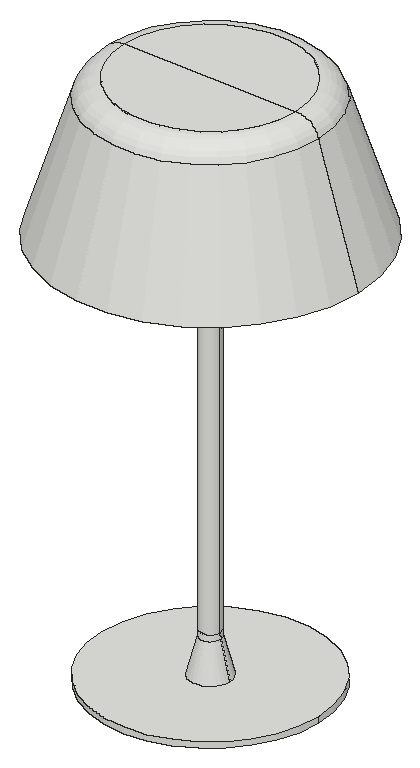
Revit family "Electrical_&_Lighting-Teknion-CQATL_Routes_Table_Lamp-R2018", category Lighting Fixtures, Revit 2018
Family settings
  Round Connector Dimension = Use Diameter
  Part Type = Normal
  OmniClass Number = 23.40.70.14.64.21
  OmniClass Title = Systems Furniture
  Work Plane-Based = Yes
  Always vertical = Yes
  Cut with Voids When Loaded = No
  Light Source = Yes
  Shared = Yes
  Room Calculation Point = No
Parameters (values of type "Freestanding")
  Wattage = 12 W
  Warranty = "http://www.teknion.com/ca/papers/legal-canada"
  built-in parameter 1150110 = 1 (stored number, unit not read)
  URL = "www.teknion.com"
  built-in parameter 1114217 = 1 (stored number, unit not read)
  Tilt Angle = 90.00°
  built-in parameter 1150109 = 1 (stored number, unit not read)
  built-in parameter 1150134 = (empty or 0)
  Sustainability Data = "http://www.teknion.com/ca/tools/assets#&asset=444deb64-fe58-4b68-981e-f75e97781df7,b4ff2d81-9f2e-437d-9659-7cffb09c31cf"
  built-in parameter 1150113 = 1 (stored number, unit not read)
  built-in parameter 1010507 = 1.0472 (stored number, unit not read)
  built-in parameter 1010506 = 0.7854 (stored number, unit not read)
  Series = "Routes"
  Product Page URL = "https://www.teknion.com/ca/products/all-products"
  Product Line = "Routes"
  Product Documentation Link = "https://assets.teknion.com/m/72af4764f50e983c/original/Routes-Reference-Guide.pdf"
  Part Number = "CQATL"
  Model = "CQATL1"
  Manufacturer Phone = "416-661-3370"
  Manufacturer Fax = "416.661.4586"
  Manufacturer Contact Information = "http://www.teknion.com/ca/contactus"
  Manufacturer Address = "1150 Flint Road, Toronto, ON. M3J 2J5. Canada"
  Manufacturer = "Teknion"  # constant formula
  built-in parameter 1150105 = 1203.7 (stored number, unit not read)
  Lumens = 360 lm
  built-in parameter 1150115 = 1 (stored number, unit not read)
  built-in parameter 1150131 = 10.000"
  built-in parameter 1150137 = (empty or 0)
  built-in parameter 1150139 = (empty or 0)
  built-in parameter 1150112 = 1 (stored number, unit not read)
  built-in parameter 1150114 = 1 (stored number, unit not read)
  built-in parameter 1150132 = (empty or 0)
  built-in parameter 1150102 = (empty or 0)
  built-in parameter 1150107 = 2700 (stored number, unit not read)
  built-in parameter 1150138 = (empty or 0)
  built-in parameter 1150106 = 12.037 (stored number, unit not read)
  Hardware Finish [instance] = Paint-Teknion-20-T-Foundation-Atrium White
  Emit from Circle Diameter = 9.000"
  Emit Shape Visible in Rendering = no
  built-in parameter 1150104 = 2.7871 (stored number, unit not read)
  Dimming Lamp Color Temperature Shift = <None>
  Description = "Routes Table Lamp, Freestanding"
  Default Elevation = 48.000"
  Color Filter = 16777215
  built-in parameter 1114218 = 1 (stored number, unit not read)
  Light Source Symbol Length = 120.000"
  Assembly Code = "E2020200"
  Apparent Load = 21 VA
Reference planes (in)
  plane 1 "Center F/B": y = 0
  plane 2: z = 0
  plane 3 "Center L/R": x = 0
  plane 4 "Left": x = -4.815
  plane 5 "Right": x = 4.815
  plane 6 "Back": y = 4.815
  plane 7 "Front": y = -4.815
  plane 8 "Top": z = 17.71066
  plane 9 "Front Legs": z = 1.125
Forms (in)
  Revolve 1, solid, material "Paint-Teknion-20-T-Foundation-Atrium White" <- "Hardware Finish"
    sketch origin (0, 0, 0) x (1, 0, 0) y (0, 0, 1)
      loop
        line (4.5, 13.75003) -> (4.5, 13.94146) -> (4.75332, 13.16183) -> (4.81433, 13.18165) -> (3.51789, 17.17169)
        arc (3.51789, 17.17169) -> (3.23454, 17.56169) -> (2.77606, 17.71066) r 0.78
        line (2.77606, 17.71066) -> (0, 17.71066) -> (0, 0.43753) -> (0.62555, 0.43753) -> (0.32429, 1.56185)
        arc (0.32429, 1.56185) -> (0.31309, 1.65564) -> (0.30935, 1.75003) r 1.19235
        line (0.30935, 1.75003) -> (0.30935, 13.75003) -> (4.5, 13.75003)
      axis (0, 17.71066) -> (0, 0.43753)
    angle from 0 to 360
  Sweep 2, solid, material "Paint-Teknion-20-T-Foundation-Atrium White" <- "Hardware Finish"
    path origin (0, -4.815, 0) x (1, 0, 0) y (0, 0, 1)
      loop
        line (0, 0.25003) -> (0, 0.43753)
    profile origin (0, -4.815, 0.34378) x (-1, 0, 0) y (0, -1, 0)
      loop
        circle (0, -4.815) r 3.5
  Revolve 3, solid, material "Plastic - Teknion - E - Ebony"
    sketch origin (0.00401, -0.92365, 0) x (1, 0, 0) y (0, 0, 1)
      loop
        arc (-2.81401, 0) -> (-2.6358, 0.07252) -> (-2.56153, 0.25) r 0.25058
        line (-2.56153, 0.25) -> (-2.81401, 0.25) -> (-2.81401, 0)
      axis (-2.81401, 0) -> (-2.81401, 0.25)
    angle from 0 to 360
  Revolve 4, solid, material "Plastic - Teknion - E - Ebony"
    sketch origin (1.07442, 2.37884, 0) x (1, 0, 0) y (0, 0, 1)
      loop
        arc (-2.81401, 0) -> (-2.6358, 0.07252) -> (-2.56153, 0.25) r 0.25058
        line (-2.56153, 0.25) -> (-2.81401, 0.25) -> (-2.81401, 0)
      axis (-2.81401, 0) -> (-2.81401, 0.25)
    angle from 0 to 360
  Revolve 5, solid, material "Plastic - Teknion - E - Ebony"
    sketch origin (4.55089, 2.37884, 0) x (1, 0, 0) y (0, 0, 1)
      loop
        arc (-2.81401, 0) -> (-2.6358, 0.07252) -> (-2.56153, 0.25) r 0.25058
        line (-2.56153, 0.25) -> (-2.81401, 0.25) -> (-2.81401, 0)
      axis (-2.81401, 0) -> (-2.81401, 0.25)
    angle from 0 to 360
  Revolve 6, solid, material "Plastic - Teknion - E - Ebony"
    sketch origin (5.61904, -0.92308, 0) x (1, 0, 0) y (0, 0, 1)
      loop
        arc (-2.81401, 0) -> (-2.6358, 0.07252) -> (-2.56153, 0.25) r 0.25058
        line (-2.56153, 0.25) -> (-2.81401, 0.25) -> (-2.81401, 0)
      axis (-2.81401, 0) -> (-2.81401, 0.25)
    angle from 0 to 360
  Revolve 7, solid, material "Plastic - Teknion - E - Ebony"
    sketch origin (2.81124, -2.96322, 0) x (1, 0, 0) y (0, 0, 1)
      loop
        arc (-2.81401, 0) -> (-2.6358, 0.07252) -> (-2.56153, 0.25) r 0.25058
        line (-2.56153, 0.25) -> (-2.81401, 0.25) -> (-2.81401, 0)
      axis (-2.81401, 0) -> (-2.81401, 0.25)
    angle from 0 to 360
Lines and regions (in)
  Masking region 1
    outline origin (0, 0, 0) x (1, 0, 0) y (0, 1, 0)
      loop
        circle (0, 0) r 4.81433
  symbolic lines
    curve 1: circle (0, 0, 0) r 2.75 normal (0, 0, 1)
  symbolic lines, detail levels fine
    curve 2: circle (0, 0, 0) r 3.52104 normal (0, 0, 1)
  symbolic lines, style "LightingFixturesHiddenLines", detail levels fine
    curve 3: circle (0, 0, 0) r 4.5 normal (0, 0, 1)
    curve 4: circle (0, 0, 0) r 4.75332 normal (0, 0, 1)
    curve 5: circle (0, 0, 0) r 0.50006 normal (0, 0, 1)
    curve 6: circle (0, 0, 0) r 0.24994 normal (0, 0, 1)
Dimensions and locks (in)
  plane 8 "Top" to plane 9 "Front Legs" = 16.58566"
  equal spacing: plane 4 "Left", plane 3 "Center L/R", plane 5 "Right", locked at 4.815 each
  equal spacing: plane 6 "Back", plane 1 "Center F/B", plane 7 "Front", locked at 4.815 each
  plane 9 "Front Legs" to plane 2 = 1.125"
  locked: plane 8 "Top" to imposter light at 4.0295
  radius of Masking region 1 sketch curve = 4.81433"
  aligned and locked: level to plane 2
  aligned and locked: Revolve 1 sketch curve to plane 8 "Top"
  aligned and locked: plane 3 "Center L/R" to Revolve 1 sketch curve
  aligned and locked: Revolve 1 sketch curve to plane 3 "Center L/R"
  aligned and locked: plane 3 "Center L/R" to Masking region 1 sketch curve
  aligned and locked: plane 1 "Center F/B" to Masking region 1 sketch curve
  aligned and locked: plane 3 "Center L/R" to curve 1
  aligned and locked: plane 1 "Center F/B" to curve 1
  aligned and locked: plane 3 "Center L/R" to curve 2
  aligned and locked: plane 1 "Center F/B" to curve 2
  aligned and locked: plane 1 "Center F/B" to curve 4
  aligned and locked: plane 3 "Center L/R" to curve 4
  aligned and locked: plane 1 "Center F/B" to curve 3
  aligned and locked: plane 3 "Center L/R" to curve 3
  aligned and locked: plane 1 "Center F/B" to curve 6
  aligned and locked: plane 3 "Center L/R" to curve 6
  aligned and locked: plane 1 "Center F/B" to curve 5
  aligned and locked: plane 3 "Center L/R" to curve 5
Automatic sketch dimensions
  plane 3 "Center L/R" to Revolve 1 sketch curve = 0.30935"
  Revolve 1 sketch curve to Revolve 1 sketch curve = 0.01494"
  plane 3 "Center L/R" to Revolve 1 sketch curve = 0.62555"
  Revolve 1 sketch curve to Revolve 1 sketch curve = 1.17741"
  Revolve 1 sketch curve to plane 8 "Top" = 0.780"
  Revolve 1 sketch curve to plane 5 "Right" = 2.03894"
  Revolve 1 sketch curve to plane 8 "Top" = 0.53897"
  Revolve 1 sketch curve to plane 5 "Right" = 0.315"
  Revolve 1 sketch curve to plane 5 "Right" = 0.06168"
  Revolve 1 sketch curve to plane 5 "Right" = 0.00067"
  Revolve 1 sketch curve to Revolve 1 sketch curve = 3.23023"
  Revolve 1 sketch curve to Revolve 1 sketch curve = 0.19142"
  Revolve 1 sketch curve to plane 9 "Front Legs" = 0.62503"
  level to Revolve 1 sketch curve = 0.43753"
  Revolve 1 sketch curve to level = 16.65636"
  Revolve 1 sketch curve to Revolve 1 sketch curve = 33.72995"
  Sweep 2 sketch curve to plane 3 "Center L/R" = 0.000"
  level to Sweep 2 sketch curve = 0.25003"
  Sweep 2 sketch curve to Sweep 2 sketch curve = 0.1875"
  Sweep 2 sketch curve to profile plane = 0.000"
  Sweep 2 sketch curve to plane 7 "Front" = 4.815"
  Revolve 3 sketch curve to level = 0.000"
  level to Revolve 3 sketch curve = 0.250"
  plane 4 "Left" to Revolve 3 sketch curve = 2.005"
  Revolve 3 sketch curve to Revolve 3 sketch curve = 0.00189"  (x2)
  Revolve 3 sketch curve to Revolve 3 sketch curve = 0.25058"
  Revolve 3 sketch curve to level = 0.14534"
  Revolve 3 sketch curve to Revolve 3 sketch curve = 0.12282"
  Revolve 4 sketch curve to level = 0.000"
  level to Revolve 4 sketch curve = 0.250"
  Revolve 4 sketch curve to plane 3 "Center L/R" = 1.73959"
  Revolve 4 sketch curve to Revolve 4 sketch curve = 0.00189"  (x2)
  Revolve 4 sketch curve to Revolve 4 sketch curve = 0.25058"
  Revolve 4 sketch curve to level = 0.14534"
  Revolve 4 sketch curve to Revolve 4 sketch curve = 0.12282"
  Revolve 5 sketch curve to level = 0.000"
  level to Revolve 5 sketch curve = 0.250"
  plane 3 "Center L/R" to Revolve 5 sketch curve = 1.73688"
  Revolve 5 sketch curve to Revolve 5 sketch curve = 0.00189"  (x2)
  Revolve 5 sketch curve to Revolve 5 sketch curve = 0.25058"
  Revolve 5 sketch curve to level = 0.14534"
  Revolve 5 sketch curve to Revolve 5 sketch curve = 0.12282"
  Revolve 6 sketch curve to level = 0.000"
  level to Revolve 6 sketch curve = 0.250"
  Revolve 6 sketch curve to plane 5 "Right" = 2.00997"
  Revolve 6 sketch curve to Revolve 6 sketch curve = 0.00189"  (x2)
  Revolve 6 sketch curve to Revolve 6 sketch curve = 0.25058"
  Revolve 6 sketch curve to level = 0.14534"
  Revolve 6 sketch curve to Revolve 6 sketch curve = 0.12282"
  Revolve 7 sketch curve to level = 0.000"
  Revolve 7 sketch curve to plane 3 "Center L/R" = 0.00277"  (x2)
  Revolve 7 sketch curve to plane 3 "Center L/R" = 0.00088"
  plane 3 "Center L/R" to Revolve 7 sketch curve = 0.2497"
  Revolve 7 sketch curve to Revolve 7 sketch curve = 0.250"
  Revolve 7 sketch curve to level = 0.14534"
  Revolve 7 sketch curve to Revolve 7 sketch curve = 0.12282"
  radius of Sweep 2 sketch curve = 3.500"
  radius of curve 1 = 2.750"
  radius of curve 2 = 3.52104"
  radius of curve 6 = 0.24994"
  radius of curve 5 = 0.50006"
  radius of curve 4 = 4.75332"
  radius of curve 3 = 4.500"
